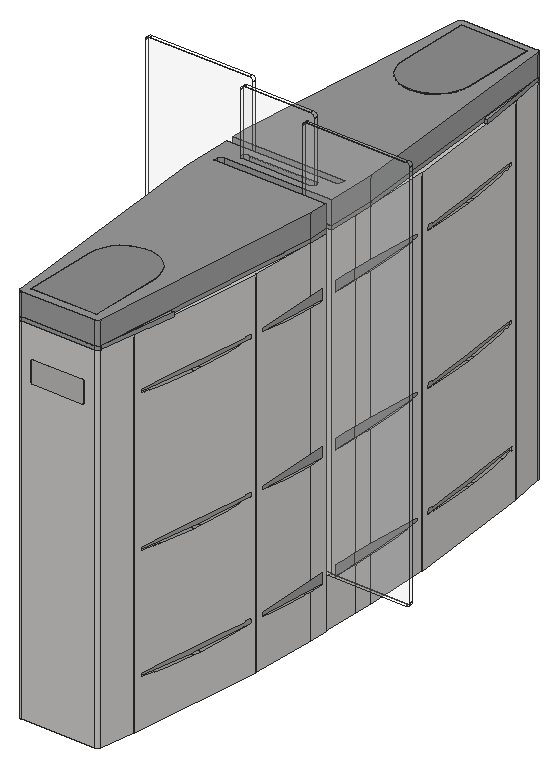
Revit family "CAME_Турникет_Скоростной_SLIDINGGATESG55_РаздвижнойЦентральныйМодуль550", category Специальное оборудование, Revit 2019
Family settings
  Размер круглого соединителя = Использовать диаметр
  Тип детали = Нормальный
  На основе рабочей плоскости = Нет
  Всегда вертикально = Да
  При загрузке вырезать с полостями = Нет
  Общий = Нет
  Точка расчета площади = Нет
Parameters
  Описание = "Центральный модуль раздвижного турникета SLIDING GATE SG55M, оснащенный платой управления и светодиодными указателями прохода и направления. Корпус - нержавеющая сталь. Сервопозиционный электропривод створки с определением препятствий и автоматической разблокировкой при отключении электроэнергии. Створка из 10 мм закаленного стекла. Ширина прохода 2 х 550 мм. Высота створки 1200 мм. Время открытия - 0.8 сек."
  Изготовитель = "CAME"  # constant formula
  Группа модели = "Турникеты"
  Watermark [instance] = "Модели защищены уникальным кодом"
  URL = "https://camerussia.com"
  CAME_Тип механизма турникета = "моторизованный"  # constant formula
  CAME_Напряжение электропитания двигателя (В) = 24 V  # constant formula
  CAME_Максимальное количество проходов в минуту = "25"  # constant formula
  CAME_Класс защиты (IP) = "44"  # constant formula
  CAME_Интенсивность использования (%) = "ИНТЕНСИВНОЕ"  # constant formula
  CAME_Диапазон рабочих температур (°C) = "-20 ÷ +68"  # constant formula
  CAME_Время открывания (с) = "0.8"  # constant formula
  BL_Разработано = "support@bimlib.pro"  # constant formula
  BL_Email = "cru.info@came.com"  # constant formula
  BL_BIM library = "https://bimlib.pro/manufacturer/came/cf0b6efe-31e5-4ffa-b7ea-1d6fa84041d4/?tab=products"
  ADSK_Размер_Ширина = 765 mm  # constant formula
  ADSK_Размер_Глубина = 1465 mm  # constant formula
  ADSK_Размер_Высота = 1030 mm  # constant formula
  ADSK_Полная мощность = ADSK_Номинальная мощность / ADSK_Коэффициент мощности  # 81.25 VA
  ADSK_Обозначение = "ТУ 26.30.50-001-89603926-2021"  # constant formula
  ADSK_Номинальная мощность = 78 W  # constant formula
  ADSK_Напряжение = 230 V  # constant formula
  ADSK_Наименование краткое = "Центр. модуль турникета SLIDING GATE SG55M, 550 мм"  # constant formula
  ADSK_Наименование = "Центральный модуль высокоинтенсивного скоростного раздвижного турникета SLIDING GATE SG55M, ширина прохода 2 х 550 мм"  # constant formula
  ADSK_Масса_Текст = ""
  ADSK_Масса = 0
  ADSK_Марка = "АРТ:001SG55MC"  # constant formula
  ADSK_Коэффициент мощности = 0.96
  ADSK_Количество фаз = 1  # constant formula
  ADSK_Количество = 1  # constant formula
  ADSK_Код изделия = "Код КСР 26.30.50.119.61.2.07.09"  # constant formula
  ADSK_Классификация нагрузок = Прочее
  ADSK_Завод-изготовитель = "CAME"  # constant formula
  ADSK_Единица измерения = "шт."  # constant formula
  ADSK_Группирование = "SLIDING GATE"  # constant formula
  ADSK_Версия семейства = "1.0"  # constant formula
  ADSK_Версия Revit = "2019"  # constant formula
  ADSK_URL страницы изделия = "https://camerussia.com/product/001sg55mc/"
  ADSK_URL документации изделия = "https://camerussia.com/uploads/support/instructions/files/Инструкция%20Sliding%20Gate%20SG55-SG90.pdf"
Reference planes
  plane 1 "По центру (Вперед/Назад)": y = 0
  plane 2: z = 0
  plane 3 "По центру (Влево/Вправо)": x = 0
  plane 4: x = -162.5
  plane 5: x = 162.5
  plane 6: y = 732.5
  plane 7: y = -732.5
  plane 8: z = 1030
  plane 9: x = -105
  plane 10: x = 105
  plane 11: y = 100
  plane 12: y = -100
  plane 13: x = -105
  plane 14: x = 105
  plane 15: y = 100
  plane 16: y = -100
  plane 17: z = 15
  plane 18: z = 960
  plane 19: z = 70
  plane 20: z = 445
  plane 21: z = 820
  plane 22: y = 632.5
  plane 23: y = -632.5
  plane 24: y = 632.5
  plane 25: y = -632.5
  plane 26: z = 1200
  plane 27: z = 145
  plane 28: y = 275
  plane 29: y = -275
  plane 30: y = 50
  plane 31: y = -50
  plane 32: x = 382.5
  plane 33: x = -382.5
Forms (mm)
  Extrusion 1, solid, material "CAME_Сталь_Нержавеющая_AISI 304", detail levels medium
    sketch origin (0, 0, 0) x (1, 0, 0) y (0, 1, 0)
      loop
        arc (-105, 732.5) -> (-148.095, 417.554) -> (-162.5, 100) r 3507.5
        line (-162.5, 100) -> (-162.5, -100)
        arc (-162.5, -100) -> (-148.095, -417.554) -> (-105, -732.5) r 3507.5
        line (-105, -732.5) -> (105, -732.5)
        arc (105, -732.5) -> (148.095, -417.554) -> (162.5, -100) r 3507.5
        line (162.5, -100) -> (162.5, 100)
        arc (162.5, 100) -> (148.095, 417.554) -> (105, 732.5) r 3507.5
        line (105, 732.5) -> (-105, 732.5)
    from 0 to 1030
  Extrusion 2, solid, material "CAME_Сталь_Нержавеющая_AISI 304", detail levels fine
    sketch origin (-363.045, -1524, 15) x (-1, 0, 0) y (0, -1, 0)
      loop
        line (-459.701, -2256.5) -> (-266.388, -2256.5)
        arc (-266.388, -2256.5) -> (-260.067, -2254.249) -> (-256.592, -2248.51) r 10
        line (-256.592, -2248.51) -> (-241.439, -2157.96)
        arc (-241.439, -2157.96) -> (-242.655, -2156.256) -> (-240.951, -2155.04) r 1.48
        arc (-240.951, -2155.04) -> (-216.874, -1978.331) -> (-203.397, -1800.498) r 2983.664
        arc (-203.397, -1800.498) -> (-204.828, -1798.932) -> (-203.262, -1797.502) r 1.5
        arc (-203.262, -1797.502) -> (-200.642, -1710.771) -> (-200.545, -1624) r 2983.664
        line (-200.545, -1624) -> (-200.545, -1424)
        arc (-200.545, -1424) -> (-200.642, -1337.229) -> (-203.262, -1250.498) r 2983.664
        arc (-203.262, -1250.498) -> (-204.828, -1249.068) -> (-203.397, -1247.502) r 1.5
        arc (-203.397, -1247.502) -> (-216.874, -1069.669) -> (-240.951, -892.96) r 2983.664
        arc (-240.951, -892.96) -> (-242.655, -891.744) -> (-241.439, -890.04) r 1.48
        line (-241.439, -890.04) -> (-256.592, -799.49)
        arc (-256.592, -799.49) -> (-260.067, -793.751) -> (-266.388, -791.5) r 10
        line (-266.388, -791.5) -> (-459.701, -791.5)
        arc (-459.701, -791.5) -> (-466.022, -793.751) -> (-469.497, -799.49) r 10
        line (-469.497, -799.49) -> (-484.65, -890.04)
        arc (-484.65, -890.04) -> (-483.435, -891.744) -> (-485.138, -892.96) r 1.48
        arc (-485.138, -892.96) -> (-509.216, -1069.669) -> (-522.692, -1247.502) r 2983.664
        arc (-522.692, -1247.502) -> (-521.262, -1249.068) -> (-522.828, -1250.498) r 1.5
        arc (-522.828, -1250.498) -> (-525.448, -1337.229) -> (-525.545, -1424) r 2983.664
        line (-525.545, -1424) -> (-525.545, -1624)
        arc (-525.545, -1624) -> (-525.448, -1710.771) -> (-522.828, -1797.502) r 2983.664
        arc (-522.828, -1797.502) -> (-521.262, -1798.932) -> (-522.692, -1800.498) r 1.5
        arc (-522.692, -1800.498) -> (-509.216, -1978.331) -> (-485.138, -2155.04) r 2983.664
        arc (-485.138, -2155.04) -> (-483.435, -2156.256) -> (-484.65, -2157.96) r 1.48
        line (-484.65, -2157.96) -> (-469.497, -2248.51)
        arc (-469.497, -2248.51) -> (-466.022, -2254.249) -> (-459.701, -2256.5) r 10
    from 0 to 945
  Extrusion 3, solid, material "CAME_Камень_Гранитный_SGL01", detail levels fine
    sketch origin (-925.693, -1524, 1030) x (-1, 0, 0) y (0, -1, 0)
      loop
        arc (-829.037, -2256.5) -> (-822.626, -2254.175) -> (-819.196, -2248.28) r 10
        arc (-819.196, -2248.28) -> (-777.222, -1937.393) -> (-763.193, -1624) r 3507.5
        line (-763.193, -1624) -> (-763.193, -1424)
        arc (-763.193, -1424) -> (-777.222, -1110.607) -> (-819.196, -799.72) r 3507.5
        arc (-819.196, -799.72) -> (-822.626, -793.825) -> (-829.037, -791.5) r 10
        line (-829.037, -791.5) -> (-1022.35, -791.5)
        arc (-1022.35, -791.5) -> (-1028.761, -793.825) -> (-1032.19, -799.72) r 10
        arc (-1032.19, -799.72) -> (-1074.165, -1110.607) -> (-1088.193, -1424) r 3507.5
        line (-1088.193, -1424) -> (-1088.193, -1624)
        arc (-1088.193, -1624) -> (-1074.165, -1937.393) -> (-1032.19, -2248.28) r 3507.5
        arc (-1032.19, -2248.28) -> (-1028.761, -2254.175) -> (-1022.35, -2256.5) r 10
        line (-1022.35, -2256.5) -> (-829.037, -2256.5)
    from 0 to -60
  Extrusion 4, solid, material "CAME_Стекло_Закаленное", detail levels fine
    sketch origin (0, 0, 0) x (1, 0, 0) y (0, 0, 1)
      loop
        arc (-87.5, 1200) -> (-94.571, 1197.071) -> (-97.5, 1190) r 10
        line (-97.5, 1190) -> (-97.5, 960) -> (97.5, 960) -> (97.5, 1190)
        arc (97.5, 1190) -> (94.571, 1197.071) -> (87.5, 1200) r 10
        line (87.5, 1200) -> (-87.5, 1200)
    from -5 to 5
  Extrusion 5, solid, material "CAME_Стекло_Закаленное_Черное", detail levels medium+fine
    sketch origin (-925.693, -1524, 1030) x (-1, 0, 0) y (0, -1, 0)
      loop
        line (-838.193, -811.5) -> (-1013.193, -811.5) -> (-1013.193, -1004)
        arc (-1013.193, -1004) -> (-925.693, -1091.5) -> (-838.193, -1004) r 87.5
        line (-838.193, -1004) -> (-838.193, -811.5)
      loop
        line (-838.193, -2236.5) -> (-838.193, -2044)
        arc (-838.193, -2044) -> (-925.693, -1956.5) -> (-1013.193, -2044) r 87.5
        line (-1013.193, -2044) -> (-1013.193, -2236.5) -> (-838.193, -2236.5)
    from 0 to 2
  Extrusion 6, solid, material "CAME_Стекло_Закаленное_Черное", detail levels medium+fine
    sketch origin (866.16, -732.5, 1200) x (1, 0, 0) y (0, 0, 1)
      loop
        arc (-931.16, -320) -> (-934.695, -321.464) -> (-936.16, -325) r 5
        line (-936.16, -325) -> (-936.16, -375)
        arc (-936.16, -375) -> (-934.695, -378.536) -> (-931.16, -380) r 5
        line (-931.16, -380) -> (-801.16, -380)
        arc (-801.16, -380) -> (-797.624, -378.536) -> (-796.16, -375) r 5
        line (-796.16, -375) -> (-796.16, -325)
        arc (-796.16, -325) -> (-797.624, -321.464) -> (-801.16, -320) r 5
        line (-801.16, -320) -> (-931.16, -320)
    from 0 to 2
  Extrusion 7, solid, material "CAME_Стекло_Закаленное_Черное", detail levels medium+fine
    sketch origin (-872.529, 732.5, 1200) x (-1, 0, 0) y (0, 0, 1)
      loop
        arc (-937.529, -320) -> (-941.064, -321.464) -> (-942.529, -325) r 5
        line (-942.529, -325) -> (-942.529, -375)
        arc (-942.529, -375) -> (-941.064, -378.536) -> (-937.529, -380) r 5
        line (-937.529, -380) -> (-807.529, -380)
        arc (-807.529, -380) -> (-803.993, -378.536) -> (-802.529, -375) r 5
        line (-802.529, -375) -> (-802.529, -325)
        arc (-802.529, -325) -> (-803.993, -321.464) -> (-807.529, -320) r 5
        line (-807.529, -320) -> (-937.529, -320)
    from 0 to 2
  Extrusion 8, solid, material "CAME_Сталь_Нержавеющая_AISI 304", detail levels fine
    sketch origin (0, 0, 0) x (1, 0, 0) y (0, 1, 0)
      loop
        circle (50, -632.5) r 25
      loop
        circle (-50, -632.5) r 25
      loop
        circle (50, 632.5) r 25
      loop
        circle (-50, 632.5) r 25
      loop
        circle (50, -232.5) r 25
      loop
        circle (-50, -232.5) r 25
      loop
        circle (50, 232.5) r 25
      loop
        circle (-50, 232.5) r 25
    from 0 to 15
  Extrusion 9, solid, material "Воздух", detail levels fine
    sketch origin (349.639, -1524, 960) x (0, -1, 0) y (-1, 0, 0)
      loop
        arc (-799.72, 456.136) -> (-1110.607, 498.11) -> (-1424, 512.139) r 3507.5
        line (-1424, 512.139) -> (-1624, 512.139)
        arc (-1624, 512.139) -> (-1937.393, 498.11) -> (-2248.28, 456.136) r 3507.5
        arc (-2248.28, 456.136) -> (-2254.175, 452.706) -> (-2256.5, 446.295) r 10
        line (-2256.5, 446.295) -> (-2256.5, 252.982)
        arc (-2256.5, 252.982) -> (-2254.175, 246.571) -> (-2248.28, 243.142) r 10
        arc (-2248.28, 243.142) -> (-1937.393, 201.167) -> (-1624, 187.139) r 3507.5
        line (-1624, 187.139) -> (-1424, 187.139)
        arc (-1424, 187.139) -> (-1110.607, 201.167) -> (-799.72, 243.142) r 3507.5
        arc (-799.72, 243.142) -> (-793.825, 246.571) -> (-791.5, 252.982) r 10
        line (-791.5, 252.982) -> (-791.5, 446.295)
        arc (-791.5, 446.295) -> (-793.825, 452.706) -> (-799.72, 456.136) r 10
    from -10 to 0
  Extrusion 10, solid, material "Индикатор синий", detail levels fine
    sketch origin (349.639, -1524, 960) x (0, -1, 0) y (-1, 0, 0)
      loop
        line (-791.5, 252.982) -> (-791.5, 446.295)
        arc (-791.5, 446.295) -> (-793.825, 452.706) -> (-799.72, 456.136) r 10
        arc (-799.72, 456.136) -> (-901.634, 473.023) -> (-1004, 486.902) r 3507.5
        line (-1004, 486.902) -> (-1004, 212.376)
        arc (-1004, 212.376) -> (-901.634, 226.254) -> (-799.72, 243.142) r 3507.5
        arc (-799.72, 243.142) -> (-793.825, 246.571) -> (-791.5, 252.982) r 10
      loop
        line (-2044, 212.376) -> (-2044, 486.902)
        arc (-2044, 486.902) -> (-2146.366, 473.023) -> (-2248.28, 456.136) r 3507.5
        arc (-2248.28, 456.136) -> (-2254.175, 452.706) -> (-2256.5, 446.295) r 10
        line (-2256.5, 446.295) -> (-2256.5, 252.982)
        arc (-2256.5, 252.982) -> (-2254.175, 246.571) -> (-2248.28, 243.142) r 10
        arc (-2248.28, 243.142) -> (-2146.366, 226.254) -> (-2044, 212.376) r 3507.5
    from -10 to 0
  Extrusion 11, void
    sketch origin (105, -732.5, 0) x (0.124702, 0.992194, 0) y (0, 0, 1)
      loop
        arc (122.125, 824.954) -> (117.799, 820) -> (122.125, 815.046) r 5
        arc (122.125, 815.046) -> (196.534, 811.262) -> (271.028, 810) r 2199.676
        line (271.028, 810) -> (291.028, 810)
        arc (291.028, 810) -> (365.522, 811.262) -> (439.931, 815.046) r 2199.676
        arc (439.931, 815.046) -> (444.257, 820) -> (439.931, 824.954) r 5
        arc (439.931, 824.954) -> (365.522, 828.738) -> (291.028, 830) r 2199.676
        line (291.028, 830) -> (271.028, 830)
        arc (271.028, 830) -> (196.534, 828.738) -> (122.125, 824.954) r 2199.676
      loop
        arc (122.125, 449.954) -> (117.799, 445) -> (122.125, 440.046) r 5
        arc (122.125, 440.046) -> (196.534, 436.262) -> (271.028, 435) r 2199.676
        line (271.028, 435) -> (291.028, 435)
        arc (291.028, 435) -> (365.522, 436.262) -> (439.931, 440.046) r 2199.676
        arc (439.931, 440.046) -> (444.257, 445) -> (439.931, 449.954) r 5
        arc (439.931, 449.954) -> (365.522, 453.738) -> (291.028, 455) r 2199.676
        line (291.028, 455) -> (271.028, 455)
        arc (271.028, 455) -> (196.534, 453.738) -> (122.125, 449.954) r 2199.676
      loop
        arc (122.125, 149.954) -> (117.799, 145) -> (122.125, 140.046) r 5
        arc (122.125, 140.046) -> (196.534, 136.262) -> (271.028, 135) r 2199.676
        line (271.028, 135) -> (291.028, 135)
        arc (291.028, 135) -> (365.522, 136.262) -> (439.931, 140.046) r 2199.676
        arc (439.931, 140.046) -> (444.257, 145) -> (439.931, 149.954) r 5
        arc (439.931, 149.954) -> (365.522, 153.738) -> (291.028, 155) r 2199.676
        line (291.028, 155) -> (271.028, 155)
        arc (271.028, 155) -> (196.534, 153.738) -> (122.125, 149.954) r 2199.676
    from -2 to 10
  Extrusion 12, void
    sketch origin (-105, -732.5, 0) x (-0.124702, 0.992194, 0) y (0, 0, -1)
      loop
        arc (122.125, -824.954) -> (196.534, -828.738) -> (271.028, -830) r 2199.676
        line (271.028, -830) -> (291.028, -830)
        arc (291.028, -830) -> (365.522, -828.738) -> (439.931, -824.954) r 2199.676
        arc (439.931, -824.954) -> (444.257, -820) -> (439.931, -815.046) r 5
        arc (439.931, -815.046) -> (365.522, -811.262) -> (291.028, -810) r 2199.676
        line (291.028, -810) -> (271.028, -810)
        arc (271.028, -810) -> (196.534, -811.262) -> (122.125, -815.046) r 2199.676
        arc (122.125, -815.046) -> (117.799, -820) -> (122.125, -824.954) r 5
      loop
        arc (122.125, -449.954) -> (196.534, -453.738) -> (271.028, -455) r 2199.676
        line (271.028, -455) -> (291.028, -455)
        arc (291.028, -455) -> (365.522, -453.738) -> (439.931, -449.954) r 2199.676
        arc (439.931, -449.954) -> (444.257, -445) -> (439.931, -440.046) r 5
        arc (439.931, -440.046) -> (365.522, -436.262) -> (291.028, -435) r 2199.676
        line (291.028, -435) -> (271.028, -435)
        arc (271.028, -435) -> (196.534, -436.262) -> (122.125, -440.046) r 2199.676
        arc (122.125, -440.046) -> (117.799, -445) -> (122.125, -449.954) r 5
      loop
        arc (122.125, -149.954) -> (196.534, -153.738) -> (271.028, -155) r 2199.676
        line (271.028, -155) -> (291.028, -155)
        arc (291.028, -155) -> (365.522, -153.738) -> (439.931, -149.954) r 2199.676
        arc (439.931, -149.954) -> (444.257, -145) -> (439.931, -140.046) r 5
        arc (439.931, -140.046) -> (365.522, -136.262) -> (291.028, -135) r 2199.676
        line (291.028, -135) -> (271.028, -135)
        arc (271.028, -135) -> (196.534, -136.262) -> (122.125, -140.046) r 2199.676
        arc (122.125, -140.046) -> (117.799, -145) -> (122.125, -149.954) r 5
    from -2 to 10
  Extrusion 13, void
    sketch origin (105, 732.5, 0) x (0.124702, -0.992194, 0) y (0, 0, -1)
      loop
        arc (122.125, -824.954) -> (196.534, -828.738) -> (271.028, -830) r 2199.676
        line (271.028, -830) -> (291.028, -830)
        arc (291.028, -830) -> (365.522, -828.738) -> (439.931, -824.954) r 2199.676
        arc (439.931, -824.954) -> (444.257, -820) -> (439.931, -815.046) r 5
        arc (439.931, -815.046) -> (365.522, -811.262) -> (291.028, -810) r 2199.676
        line (291.028, -810) -> (271.028, -810)
        arc (271.028, -810) -> (196.534, -811.262) -> (122.125, -815.046) r 2199.676
        arc (122.125, -815.046) -> (117.799, -820) -> (122.125, -824.954) r 5
      loop
        arc (122.125, -449.954) -> (196.534, -453.738) -> (271.028, -455) r 2199.676
        line (271.028, -455) -> (291.028, -455)
        arc (291.028, -455) -> (365.522, -453.738) -> (439.931, -449.954) r 2199.676
        arc (439.931, -449.954) -> (444.257, -445) -> (439.931, -440.046) r 5
        arc (439.931, -440.046) -> (365.522, -436.262) -> (291.028, -435) r 2199.676
        line (291.028, -435) -> (271.028, -435)
        arc (271.028, -435) -> (196.534, -436.262) -> (122.125, -440.046) r 2199.676
        arc (122.125, -440.046) -> (117.799, -445) -> (122.125, -449.954) r 5
      loop
        arc (122.125, -149.954) -> (196.534, -153.738) -> (271.028, -155) r 2199.676
        line (271.028, -155) -> (291.028, -155)
        arc (291.028, -155) -> (365.522, -153.738) -> (439.931, -149.954) r 2199.676
        arc (439.931, -149.954) -> (444.257, -145) -> (439.931, -140.046) r 5
        arc (439.931, -140.046) -> (365.522, -136.262) -> (291.028, -135) r 2199.676
        line (291.028, -135) -> (271.028, -135)
        arc (271.028, -135) -> (196.534, -136.262) -> (122.125, -140.046) r 2199.676
        arc (122.125, -140.046) -> (117.799, -145) -> (122.125, -149.954) r 5
    from -2 to 10
  Extrusion 14, void
    sketch origin (-105, 732.5, 0) x (-0.124702, -0.992194, 0) y (0, 0, 1)
      loop
        arc (122.125, 824.954) -> (117.799, 820) -> (122.125, 815.046) r 5
        arc (122.125, 815.046) -> (196.534, 811.262) -> (271.028, 810) r 2199.676
        line (271.028, 810) -> (291.028, 810)
        arc (291.028, 810) -> (365.522, 811.262) -> (439.931, 815.046) r 2199.676
        arc (439.931, 815.046) -> (444.257, 820) -> (439.931, 824.954) r 5
        arc (439.931, 824.954) -> (365.522, 828.738) -> (291.028, 830) r 2199.676
        line (291.028, 830) -> (271.028, 830)
        arc (271.028, 830) -> (196.534, 828.738) -> (122.125, 824.954) r 2199.676
      loop
        arc (122.125, 449.954) -> (117.799, 445) -> (122.125, 440.046) r 5
        arc (122.125, 440.046) -> (196.534, 436.262) -> (271.028, 435) r 2199.676
        line (271.028, 435) -> (291.028, 435)
        arc (291.028, 435) -> (365.522, 436.262) -> (439.931, 440.046) r 2199.676
        arc (439.931, 440.046) -> (444.257, 445) -> (439.931, 449.954) r 5
        arc (439.931, 449.954) -> (365.522, 453.738) -> (291.028, 455) r 2199.676
        line (291.028, 455) -> (271.028, 455)
        arc (271.028, 455) -> (196.534, 453.738) -> (122.125, 449.954) r 2199.676
      loop
        arc (122.125, 149.954) -> (117.799, 145) -> (122.125, 140.046) r 5
        arc (122.125, 140.046) -> (196.534, 136.262) -> (271.028, 135) r 2199.676
        line (271.028, 135) -> (291.028, 135)
        arc (291.028, 135) -> (365.522, 136.262) -> (439.931, 140.046) r 2199.676
        arc (439.931, 140.046) -> (444.257, 145) -> (439.931, 149.954) r 5
        arc (439.931, 149.954) -> (365.522, 153.738) -> (291.028, 155) r 2199.676
        line (291.028, 155) -> (271.028, 155)
        arc (271.028, 155) -> (196.534, 153.738) -> (122.125, 149.954) r 2199.676
    from -2 to 10
  Extrusion 15, void
    sketch origin (-925.693, -1524, 1030) x (-1, 0, 0) y (0, -1, 0)
      loop
        line (-763.193, -1574) -> (-763.193, -1554) -> (-1048.193, -1554)
        arc (-1048.193, -1554) -> (-1055.264, -1556.929) -> (-1058.193, -1564) r 10
        line (-1058.193, -1564) -> (-1058.193, -1574) -> (-763.193, -1574)
      loop
        line (-793.193, -1474) -> (-1088.193, -1474) -> (-1088.193, -1494) -> (-803.193, -1494)
        arc (-803.193, -1494) -> (-796.122, -1491.071) -> (-793.193, -1484) r 10
        line (-793.193, -1484) -> (-793.193, -1474)
      loop
        arc (-835.693, -1534) -> (-825.693, -1524) -> (-835.693, -1514) r 10
        line (-835.693, -1514) -> (-1015.693, -1514)
        arc (-1015.693, -1514) -> (-1025.693, -1524) -> (-1015.693, -1534) r 10
        line (-1015.693, -1534) -> (-835.693, -1534)
    from -885 to 0
  Extrusion 16, solid, material "CAME_Стекло_Закаленное", detail levels medium
    sketch origin (0, 0, 0) x (1, 0, 0) y (0, 0, 1)
      loop
        line (-97.5, 1030) -> (97.5, 1030) -> (97.5, 1190)
        arc (97.5, 1190) -> (94.571, 1197.071) -> (87.5, 1200) r 10
        line (87.5, 1200) -> (-87.5, 1200)
        arc (-87.5, 1200) -> (-94.571, 1197.071) -> (-97.5, 1190) r 10
        line (-97.5, 1190) -> (-97.5, 1030)
    from -5 to 5
  Extrusion 17, solid, material "CAME_Стекло_Закаленное", detail levels fine
    sketch origin (268.229, -50, 1200) x (1, 0, 0) y (0, 0, 1)
      loop
        arc (-160.729, 0) -> (-167.8, -2.929) -> (-170.729, -10) r 10
        line (-170.729, -10) -> (-170.729, -1055) -> (104.271, -1055)
        arc (104.271, -1055) -> (111.342, -1052.071) -> (114.271, -1045) r 10
        line (114.271, -1045) -> (114.271, -10)
        arc (114.271, -10) -> (111.342, -2.929) -> (104.271, 0) r 10
        line (104.271, 0) -> (-160.729, 0)
    from -15 to -5
  Extrusion 18, solid, material "CAME_Стекло_Закаленное", detail levels medium
    sketch origin (268.229, -50, 1200) x (1, 0, 0) y (0, 0, 1)
      loop
        line (-170.729, -10) -> (-170.729, -170) -> (-105.729, -170) -> (-105.729, -1055) -> (104.271, -1055)
        arc (104.271, -1055) -> (111.342, -1052.071) -> (114.271, -1045) r 10
        line (114.271, -1045) -> (114.271, -10)
        arc (114.271, -10) -> (111.342, -2.929) -> (104.271, 0) r 10
        line (104.271, 0) -> (-160.729, 0)
        arc (-160.729, 0) -> (-167.8, -2.929) -> (-170.729, -10) r 10
    from -15 to -5
  Extrusion 19, solid, material "CAME_Стекло_Закаленное", detail levels medium
    sketch origin (268.229, 50, 1200) x (1, 0, 0) y (0, 0, 1)
      loop
        arc (-365.729, -10) -> (-368.658, -2.929) -> (-375.729, 0) r 10
        line (-375.729, 0) -> (-640.729, 0)
        arc (-640.729, 0) -> (-647.8, -2.929) -> (-650.729, -10) r 10
        line (-650.729, -10) -> (-650.729, -1045)
        arc (-650.729, -1045) -> (-647.8, -1052.071) -> (-640.729, -1055) r 10
        line (-640.729, -1055) -> (-430.729, -1055) -> (-430.729, -170) -> (-365.729, -170) -> (-365.729, -10)
    from 15 to 5
  Extrusion 20, solid, material "CAME_Стекло_Закаленное", detail levels fine
    sketch origin (268.229, 50, 1200) x (1, 0, 0) y (0, 0, 1)
      loop
        arc (-640.729, 0) -> (-647.8, -2.929) -> (-650.729, -10) r 10
        line (-650.729, -10) -> (-650.729, -1045)
        arc (-650.729, -1045) -> (-647.8, -1052.071) -> (-640.729, -1055) r 10
        line (-640.729, -1055) -> (-365.729, -1055) -> (-365.729, -10)
        arc (-365.729, -10) -> (-368.658, -2.929) -> (-375.729, 0) r 10
        line (-375.729, 0) -> (-640.729, 0)
    from 15 to 5
  Extrusion 21, void
    sketch origin (162.5, -493.584, 1200) x (0, -1, 0) y (0, 0, 1)
      loop
        arc (-237.736, -384.928) -> (-233.584, -380) -> (-237.736, -375.072) r 5
        arc (-237.736, -375.072) -> (-335.573, -368.445) -> (-433.584, -365.289) r 2766.25
        line (-433.584, -365.289) -> (-433.584, -394.711)
        arc (-433.584, -394.711) -> (-335.573, -391.555) -> (-237.736, -384.928) r 2766.25
      loop
        arc (-749.432, -384.928) -> (-631.615, -392.481) -> (-513.584, -395) r 2766.25
        line (-513.584, -395) -> (-473.584, -395) -> (-473.584, -365) -> (-513.584, -365)
        arc (-513.584, -365) -> (-631.615, -367.519) -> (-749.432, -375.072) r 2766.25
        arc (-749.432, -375.072) -> (-753.584, -380) -> (-749.432, -384.928) r 5
      loop
        arc (-237.736, -759.928) -> (-233.584, -755) -> (-237.736, -750.072) r 5
        arc (-237.736, -750.072) -> (-335.573, -743.445) -> (-433.584, -740.289) r 2766.25
        line (-433.584, -740.289) -> (-433.584, -769.711)
        arc (-433.584, -769.711) -> (-335.573, -766.555) -> (-237.736, -759.928) r 2766.25
      loop
        arc (-749.432, -759.928) -> (-631.615, -767.481) -> (-513.584, -770) r 2766.25
        line (-513.584, -770) -> (-473.584, -770) -> (-473.584, -740) -> (-513.584, -740)
        arc (-513.584, -740) -> (-631.615, -742.519) -> (-749.432, -750.072) r 2766.25
        arc (-749.432, -750.072) -> (-753.584, -755) -> (-749.432, -759.928) r 5
      loop
        arc (-237.736, -1059.928) -> (-233.584, -1055) -> (-237.736, -1050.072) r 5
        arc (-237.736, -1050.072) -> (-335.573, -1043.445) -> (-433.584, -1040.289) r 2766.25
        line (-433.584, -1040.289) -> (-433.584, -1069.711)
        arc (-433.584, -1069.711) -> (-335.573, -1066.555) -> (-237.736, -1059.928) r 2766.25
      loop
        arc (-749.432, -1059.928) -> (-631.615, -1067.481) -> (-513.584, -1070) r 2766.25
        line (-513.584, -1070) -> (-473.584, -1070) -> (-473.584, -1040) -> (-513.584, -1040)
        arc (-513.584, -1040) -> (-631.615, -1042.519) -> (-749.432, -1050.072) r 2766.25
        arc (-749.432, -1050.072) -> (-753.584, -1055) -> (-749.432, -1059.928) r 5
    from -5 to 3
  Extrusion 22, void
    sketch origin (0, 0, 0) x (1, 0, 0) y (0, 1, 0)
      loop
        line (-162.5, 50) -> (-162.5, 49) -> (162.5, 49) -> (162.5, 50) -> (-162.5, 50)
      loop
        line (-162.5, -49) -> (-162.5, -50) -> (162.5, -50) -> (162.5, -49) -> (-162.5, -49)
    from 0 to 1030
  Extrusion 23, void
    sketch origin (-162.5, -493.584, 1200) x (0, -1, 0) y (0, 0, -1)
      loop
        arc (-749.432, 384.928) -> (-753.584, 380) -> (-749.432, 375.072) r 5
        arc (-749.432, 375.072) -> (-651.594, 368.445) -> (-553.584, 365.289) r 2766.25
        line (-553.584, 365.289) -> (-553.584, 394.711)
        arc (-553.584, 394.711) -> (-651.594, 391.555) -> (-749.432, 384.928) r 2766.25
      loop
        arc (-237.736, 384.928) -> (-355.552, 392.481) -> (-473.584, 395) r 2766.25
        line (-473.584, 395) -> (-513.584, 395) -> (-513.584, 365) -> (-473.584, 365)
        arc (-473.584, 365) -> (-355.552, 367.519) -> (-237.736, 375.072) r 2766.25
        arc (-237.736, 375.072) -> (-233.584, 380) -> (-237.736, 384.928) r 5
      loop
        arc (-749.432, 759.928) -> (-753.584, 755) -> (-749.432, 750.072) r 5
        arc (-749.432, 750.072) -> (-651.594, 743.445) -> (-553.584, 740.289) r 2766.25
        line (-553.584, 740.289) -> (-553.584, 769.711)
        arc (-553.584, 769.711) -> (-651.594, 766.555) -> (-749.432, 759.928) r 2766.25
      loop
        arc (-237.736, 759.928) -> (-355.552, 767.481) -> (-473.584, 770) r 2766.25
        line (-473.584, 770) -> (-513.584, 770) -> (-513.584, 740) -> (-473.584, 740)
        arc (-473.584, 740) -> (-355.552, 742.519) -> (-237.736, 750.072) r 2766.25
        arc (-237.736, 750.072) -> (-233.584, 755) -> (-237.736, 759.928) r 5
      loop
        arc (-749.432, 1059.928) -> (-753.584, 1055) -> (-749.432, 1050.072) r 5
        arc (-749.432, 1050.072) -> (-651.594, 1043.445) -> (-553.584, 1040.289) r 2766.25
        line (-553.584, 1040.289) -> (-553.584, 1069.711)
        arc (-553.584, 1069.711) -> (-651.594, 1066.555) -> (-749.432, 1059.928) r 2766.25
      loop
        arc (-237.736, 1059.928) -> (-355.552, 1067.481) -> (-473.584, 1070) r 2766.25
        line (-473.584, 1070) -> (-513.584, 1070) -> (-513.584, 1040) -> (-473.584, 1040)
        arc (-473.584, 1040) -> (-355.552, 1042.519) -> (-237.736, 1050.072) r 2766.25
        arc (-237.736, 1050.072) -> (-233.584, 1055) -> (-237.736, 1059.928) r 5
    from -5 to 3
Cuts and joins
  Extrusion 11, Extrusion 12, Extrusion 13, Extrusion 14, Extrusion 15, Extrusion 21, Extrusion 22, Extrusion 23 cuts Extrusion 2
  Extrusion 15 cuts Extrusion 3
  Extrusion 15 cuts Extrusion 9
Lines and regions (mm)
  model lines, style "CAME", detail levels coarse
    curve 1: line (-162.5, 732.5, 0) -> (162.5, 732.5, 0)
    curve 2: line (-162.5, -732.5, 0) -> (-162.5, 732.5, 0)
    curve 3: line (162.5, -732.5, 0) -> (-162.5, -732.5, 0)
    curve 4: line (162.5, 732.5, 0) -> (162.5, -732.5, 0)
    curve 5: line (162.5, -50, 0) -> (382.5, -50, 0)
    curve 6: line (-162.5, 50, 0) -> (-382.5, 50, 0)
  reference lines
    curve 7: line (105, 732.5, 0) -> (162.5, 275, 0)
    curve 8: line (105, -732.5, 0) -> (162.5, -275, 0)
Dimensions and locks
  locked: plane 4 to plane 5 at 325
  equal spacing: plane 7, plane 1 "По центру (Вперед/Назад)", plane 6
  "ADSK_Размер_Глубина": plane 7 to plane 6
  equal spacing: plane 4, plane 3 "По центру (Влево/Вправо)", plane 5
  "ADSK_Размер_Высота": plane 8 to plane 2
  plane 9 to plane 3 "По центру (Влево/Вправо)" to plane 10 = 105 mm locked, 105 mm locked
  plane 12 to plane 1 "По центру (Вперед/Назад)" to plane 11 = 100 mm locked, 100 mm locked
  plane 13 to plane 3 "По центру (Влево/Вправо)" to plane 14 = 105 mm locked, 105 mm locked
  plane 15 to plane 1 "По центру (Вперед/Назад)" to plane 16 = 100 mm locked, 100 mm locked
  locked: plane 17 to plane 2 at 15
  locked: plane 8 to plane 18 at 70
  plane 21 to plane 20 to plane 19 to plane 2 = 375 mm locked, 375 mm locked, 70 mm locked
  locked: plane 22 to plane 6 at 100
  locked: plane 7 to plane 23 at 100
  locked: plane 7 to plane 25 at 100
  locked: plane 24 to plane 6 at 100
  plane 7 to Extrusion 5 sketch curve to Extrusion 5 sketch curve = 20 mm locked, 192.5 mm locked
  Extrusion 5 sketch curve to plane 3 "По центру (Влево/Вправо)" to Extrusion 5 sketch curve = 87.5 mm locked, 87.5 mm locked
  plane 6 to Extrusion 5 sketch curve to Extrusion 5 sketch curve = 20 mm locked, 192.5 mm locked
  plane 8 to Extrusion 6 sketch curve to Extrusion 6 sketch curve = 150 mm locked, 60 mm locked
  Extrusion 6 sketch curve to plane 3 "По центру (Влево/Вправо)" to Extrusion 6 sketch curve = 70 mm locked, 70 mm locked
  Extrusion 8 sketch curve to plane 3 "По центру (Влево/Вправо)" to Extrusion 8 sketch curve = 50 mm locked, 50 mm locked  (x4)
  locked: Extrusion 8 sketch curve to plane 6 at 500
  locked: plane 6 to Extrusion 8 sketch curve at 500
  locked: plane 7 to Extrusion 8 sketch curve at 500  (x2)
  locked: plane 26 to plane 2 at 1200
  locked: plane 27 to plane 2 at 145
  plane 28 to plane 1 "По центру (Вперед/Назад)" to plane 29 = 275 mm locked, 275 mm locked
  plane 31 to plane 1 "По центру (Вперед/Назад)" to plane 30 = 50 mm locked, 50 mm locked
  Extrusion 11 sketch curve to plane 21 to Extrusion 11 sketch curve = 10 mm locked, 10 mm locked
  Extrusion 11 sketch curve to plane 20 to Extrusion 11 sketch curve = 10 mm locked, 10 mm locked
  Extrusion 11 sketch curve to plane 27 to Extrusion 11 sketch curve = 10 mm locked, 10 mm locked
  Extrusion 12 sketch curve to Extrusion 12 sketch curve = 20 mm  (x3)
  Extrusion 13 sketch curve to Extrusion 13 sketch curve = 20 mm  (x3)
  Extrusion 14 sketch curve to Extrusion 14 sketch curve = 20 mm  (x3)
  locked: plane 4 to Extrusion 15 sketch curve at 30
  locked: Extrusion 15 sketch curve to plane 5 at 30
  Extrusion 15 sketch curve to plane 1 "По центру (Вперед/Назад)" to Extrusion 15 sketch curve = 10 mm locked, 10 mm locked
  Extrusion 15 sketch curve to plane 3 "По центру (Влево/Вправо)" to Extrusion 15 sketch curve = 90 mm locked, 90 mm locked
  Extrusion 4 sketch curve to plane 3 "По центру (Влево/Вправо)" to Extrusion 4 sketch curve = 97.5 mm locked, 97.5 mm locked
  equal spacing: plane 33, plane 3 "По центру (Влево/Вправо)", plane 32
  "ADSK_Размер_Ширина": plane 33 to plane 32
  locked: Extrusion 22 sketch curve to plane 30 at 1
  locked: plane 31 to Extrusion 22 sketch curve at 1
  radius of Extrusion 2 sketch curve = 10 mm  (x4)
  radius of Extrusion 6 sketch curve = 5 mm  (x4)
  radius of Extrusion 15 sketch curve = 10 mm  (x2)
  radius of Extrusion 17 sketch curve = 10 mm  (x3)
  radius of Extrusion 19 sketch curve = 10 mm  (x3)
  aligned and locked: level to plane 2
  aligned and locked: Extrusion 1 sketch curve to plane 6
  aligned and locked: plane 7 to Extrusion 1 sketch curve
  aligned and locked: Extrusion 1 sketch curve to plane 5
  aligned and locked: plane 11 to Extrusion 1 sketch curve  (x2)
  aligned and locked: plane 12 to Extrusion 1 sketch curve  (x2)
  aligned and locked: Extrusion 1 sketch curve to plane 4
  aligned and locked: plane 8 to Extrusion 1
  aligned and locked: Extrusion 1 to Extrusion 2 sketch curve  (x2)
  aligned and locked: Extrusion 2 to plane 18
  aligned and locked: curve 1 to plane 6
  aligned and locked: curve 3 to plane 7
  aligned and locked: plane 4 to curve 2
  aligned and locked: plane 5 to curve 4
  aligned and locked: Extrusion 5 sketch curve to Extrusion 5 sketch curve  (x2)
  aligned and locked: Extrusion 7 sketch curve to Extrusion 6  (x4)
  aligned and locked: plane 25 to Extrusion 8 sketch curve  (x2)
  aligned and locked: plane 24 to Extrusion 8 sketch curve  (x2)
  aligned and locked: Extrusion 9 sketch curve to Extrusion 3  (x8)
  aligned and locked: Extrusion 10 sketch curve to Extrusion 3  (x4)
  aligned and locked: plane 4 to Extrusion 15 sketch curve
  aligned and locked: plane 30 to Extrusion 15 sketch curve
  aligned and locked: plane 31 to Extrusion 15 sketch curve
  aligned and locked: Extrusion 15 sketch curve to plane 5
  aligned and locked: Extrusion 15 to plane 27
  aligned and locked: plane 8 to Extrusion 15
  aligned and locked: Extrusion 4 sketch curve to plane 18
  aligned and locked: Extrusion 4 sketch curve to plane 26
  aligned and locked: Extrusion 4 to Extrusion 16 sketch curve
  aligned and locked: Extrusion 16 sketch curve to Extrusion 4  (x2)
  aligned and locked: plane 8 to Extrusion 16 sketch curve
  aligned and locked: Extrusion 17 sketch curve to plane 32
  aligned and locked: Extrusion 17 sketch curve to Extrusion 16
  aligned and locked: Extrusion 17 sketch curve to plane 26
  aligned and locked: plane 27 to Extrusion 17 sketch curve
  aligned and locked: Extrusion 18 sketch curve to Extrusion 17  (x3)
  aligned and locked: Extrusion 17 to Extrusion 18 sketch curve
  aligned and locked: Extrusion 18 sketch curve to plane 5
  aligned and locked: Extrusion 18 sketch curve to plane 8
  aligned and locked: Extrusion 16 to Extrusion 19 sketch curve
  aligned and locked: Extrusion 19 sketch curve to plane 26
  aligned and locked: plane 33 to Extrusion 19 sketch curve
  aligned and locked: Extrusion 19 sketch curve to plane 27
  aligned and locked: Extrusion 19 sketch curve to plane 8
  aligned and locked: Extrusion 19 sketch curve to plane 4
  aligned and locked: Extrusion 20 sketch curve to Extrusion 19  (x3)
  aligned and locked: plane 4 to Extrusion 22 sketch curve  (x2)
  aligned and locked: plane 5 to Extrusion 22 sketch curve  (x2)
  aligned and locked: plane 30 to Extrusion 22 sketch curve
  aligned and locked: Extrusion 22 sketch curve to plane 31
  aligned and locked: plane 8 to Extrusion 22
  aligned and locked: plane 33 to curve 6
  aligned and locked: plane 32 to curve 5
  aligned and locked: curve 6 to plane 30
  aligned and locked: plane 31 to curve 5
Automatic sketch dimensions
  Extrusion 1 sketch curve to plane 9 = 0 mm  (x2)
  Extrusion 1 sketch curve to plane 10 = 0 mm  (x2)
  Extrusion 2 sketch curve to Extrusion 2 sketch curve = 0 mm  (x11)
  Extrusion 2 sketch curve to plane 5 = 0 mm
  plane 29 to Extrusion 2 sketch curve = 0 mm  (x2)
  Extrusion 2 sketch curve to plane 28 = 0 mm  (x2)
  plane 22 to Extrusion 2 sketch curve = 0 mm  (x2)
  plane 23 to Extrusion 2 sketch curve = 0 mm  (x2)
  Extrusion 2 sketch curve to plane 4 = 0 mm
  Extrusion 2 sketch curve to plane 15 = 0 mm  (x2)
  plane 16 to Extrusion 2 sketch curve = 0 mm  (x2)
  plane 15 to Extrusion 2 sketch curve = 40.053 mm  (x2)
  Extrusion 2 sketch curve to plane 32 = 2438.395 mm
  plane 16 to Extrusion 2 sketch curve = 40.053 mm  (x2)
  plane 5 to Extrusion 2 sketch curve = 2.784 mm  (x2)
  Extrusion 2 sketch curve to plane 14 = 16.85 mm  (x2)
  Extrusion 2 sketch curve to plane 22 = 1.46 mm  (x2)
  Extrusion 2 sketch curve to Extrusion 2 sketch curve = 0.244 mm  (x4)
  plane 23 to Extrusion 2 sketch curve = 1.46 mm  (x2)
  Extrusion 2 sketch curve to plane 14 = 1.453 mm  (x2)
  Extrusion 2 sketch curve to Extrusion 2 sketch curve = 9.796 mm  (x2)
  plane 13 to Extrusion 2 sketch curve = 8.343 mm  (x2)
  Extrusion 2 sketch curve to plane 13 = 1.453 mm  (x2)
  Extrusion 2 sketch curve to plane 13 = 16.605 mm  (x2)
  plane 4 to Extrusion 2 sketch curve = 2.784 mm  (x2)
  Extrusion 2 sketch curve to plane 33 = 2438.395 mm
  Extrusion 2 sketch curve to plane 29 = 1.498 mm
  Extrusion 2 sketch curve to plane 28 = 1.498 mm
  plane 28 to Extrusion 2 sketch curve = 1.498 mm  (x2)
  plane 29 to Extrusion 2 sketch curve = 1.498 mm  (x2)
  plane 22 to Extrusion 2 sketch curve = 1.46 mm
  Extrusion 2 sketch curve to plane 23 = 1.46 mm
  plane 7 to curve 8 = 0 mm
  curve 8 to plane 14 = 0 mm
  curve 7 to plane 6 = 0 mm
  curve 7 to plane 14 = 0 mm
  curve 8 to plane 5 = 0 mm
  curve 7 to plane 5 = 0 mm
  plane 29 to curve 8 = 0 mm
  curve 7 to plane 28 = 0 mm
  plane 16 to Extrusion 3 sketch curve = 0 mm
  plane 15 to Extrusion 3 sketch curve = 0 mm
  Extrusion 3 sketch curve to plane 5 = 0 mm
  Extrusion 3 sketch curve to plane 6 = 0 mm
  plane 7 to Extrusion 3 sketch curve = 0 mm
  Extrusion 3 sketch curve to plane 4 = 0 mm
  Extrusion 3 sketch curve to plane 16 = 0 mm
  Extrusion 3 sketch curve to plane 15 = 0 mm
  Extrusion 3 sketch curve to plane 32 = 2962.5 mm
  Extrusion 3 sketch curve to Extrusion 3 sketch curve = 0 mm  (x2)
  plane 14 to Extrusion 3 sketch curve = 8.343 mm  (x2)
  plane 13 to Extrusion 3 sketch curve = 8.343 mm  (x2)
  Extrusion 3 sketch curve to plane 33 = 2962.5 mm
  Extrusion 3 sketch curve to Extrusion 3 sketch curve = 10 mm  (x3)
  Extrusion 3 sketch curve to plane 7 = 10 mm
  Extrusion 4 sketch curve to Extrusion 4 sketch curve = 10 mm  (x2)
  plane 15 to Extrusion 10 sketch curve = 0 mm
  plane 16 to Extrusion 10 sketch curve = 0 mm
  Extrusion 10 sketch curve to Extrusion 10 sketch curve = 10 mm
  plane 4 to Extrusion 10 sketch curve = 25.237 mm  (x2)
  plane 24 to Extrusion 10 sketch curve = 112.5 mm
  Extrusion 10 sketch curve to plane 25 = 112.5 mm
  Extrusion 10 sketch curve to plane 7 = 10 mm
  plane 13 to Extrusion 10 sketch curve = 8.343 mm  (x2)
  Extrusion 10 sketch curve to plane 32 = 2962.5 mm
  Extrusion 10 sketch curve to Extrusion 10 sketch curve = 0 mm
  curve 8 to Extrusion 11 sketch curve = 122.799 mm  (x3)
  Extrusion 11 sketch curve to curve 8 = 190.071 mm  (x3)
  Extrusion 11 sketch curve to Extrusion 11 sketch curve = 148.229 mm
  Extrusion 11 sketch curve to Extrusion 11 sketch curve = 0 mm  (x10)
  Extrusion 11 sketch curve to Extrusion 11 sketch curve = 20 mm  (x6)
  Extrusion 11 sketch curve to curve 8 = 21.842 mm  (x3)
  Extrusion 11 sketch curve to curve 8 = 1369.676 mm
  Extrusion 11 sketch curve to curve 8 = 1744.676 mm
  Extrusion 11 sketch curve to curve 8 = 2044.676 mm
  Extrusion 11 sketch curve to curve 8 = 145 mm  (x2)
  Extrusion 11 sketch curve to Extrusion 11 sketch curve = 10 mm  (x4)
  curve 8 to Extrusion 11 sketch curve = 2334.676 mm
  curve 8 to Extrusion 11 sketch curve = 2634.676 mm
  curve 8 to Extrusion 11 sketch curve = 3009.676 mm
  Extrusion 11 sketch curve to Extrusion 11 sketch curve = 0.674 mm  (x6)
  Extrusion 15 sketch curve to Extrusion 15 sketch curve = 10 mm
  Extrusion 15 sketch curve to Extrusion 15 sketch curve = 20 mm
  plane 20 to Extrusion 12 sketch curve = 0 mm  (x2)
  Extrusion 12 sketch curve to plane 27 = 0 mm  (x2)
  plane 21 to Extrusion 12 sketch curve = 0 mm  (x2)
  Extrusion 12 sketch curve to Extrusion 12 sketch curve = 0 mm  (x14)
  Extrusion 12 sketch curve to Extrusion 12 sketch curve = 148.229 mm  (x5)
  Extrusion 12 sketch curve to plane 21 = 10 mm
  Extrusion 12 sketch curve to plane 20 = 10 mm
  Extrusion 12 sketch curve to Extrusion 12 sketch curve = 20 mm  (x6)
  plane 26 to Extrusion 12 sketch curve = 1134.676 mm
  Extrusion 12 sketch curve to Extrusion 12 sketch curve = 300 mm  (x2)
  Extrusion 12 sketch curve to Extrusion 12 sketch curve = 375 mm  (x2)
  Extrusion 12 sketch curve to Extrusion 12 sketch curve = 10 mm
  Extrusion 12 sketch curve to level = 1369.676 mm
  Extrusion 12 sketch curve to plane 21 = 4.954 mm
  plane 20 to Extrusion 12 sketch curve = 4.954 mm
  plane 27 to Extrusion 12 sketch curve = 4.954 mm  (x2)
  plane 21 to Extrusion 12 sketch curve = 4.954 mm
  Extrusion 12 sketch curve to plane 20 = 4.954 mm
  Extrusion 13 sketch curve to plane 20 = 0 mm  (x2)
  plane 27 to Extrusion 13 sketch curve = 0 mm  (x2)
  Extrusion 13 sketch curve to plane 21 = 0 mm  (x2)
  Extrusion 13 sketch curve to Extrusion 13 sketch curve = 0 mm  (x14)
  Extrusion 13 sketch curve to Extrusion 13 sketch curve = 148.229 mm  (x5)
  Extrusion 13 sketch curve to plane 21 = 10 mm
  Extrusion 13 sketch curve to plane 20 = 10 mm
  Extrusion 13 sketch curve to Extrusion 13 sketch curve = 20 mm  (x6)
  plane 26 to Extrusion 13 sketch curve = 1134.676 mm
  Extrusion 13 sketch curve to Extrusion 13 sketch curve = 300 mm  (x2)
  Extrusion 13 sketch curve to Extrusion 13 sketch curve = 375 mm  (x2)
  Extrusion 13 sketch curve to Extrusion 13 sketch curve = 10 mm
  Extrusion 13 sketch curve to level = 1369.676 mm
  Extrusion 13 sketch curve to plane 21 = 4.954 mm
  plane 20 to Extrusion 13 sketch curve = 4.954 mm
  plane 27 to Extrusion 13 sketch curve = 4.954 mm  (x2)
  plane 21 to Extrusion 13 sketch curve = 4.954 mm
  Extrusion 13 sketch curve to plane 20 = 4.954 mm
  Extrusion 14 sketch curve to plane 20 = 0 mm  (x2)
  plane 27 to Extrusion 14 sketch curve = 0 mm  (x2)
  Extrusion 14 sketch curve to plane 21 = 0 mm  (x2)
  Extrusion 14 sketch curve to Extrusion 14 sketch curve = 0 mm  (x14)
  Extrusion 14 sketch curve to Extrusion 14 sketch curve = 148.229 mm  (x5)
  Extrusion 14 sketch curve to plane 21 = 10 mm
  Extrusion 14 sketch curve to plane 20 = 10 mm
  Extrusion 14 sketch curve to Extrusion 14 sketch curve = 20 mm  (x6)
  level to Extrusion 14 sketch curve = 135 mm
  Extrusion 14 sketch curve to level = 1369.676 mm
  Extrusion 14 sketch curve to Extrusion 14 sketch curve = 375 mm  (x2)
  Extrusion 14 sketch curve to Extrusion 14 sketch curve = 300 mm  (x2)
  plane 26 to Extrusion 14 sketch curve = 1134.676 mm
  Extrusion 14 sketch curve to plane 21 = 4.954 mm
  plane 20 to Extrusion 14 sketch curve = 4.954 mm
  plane 27 to Extrusion 14 sketch curve = 4.954 mm  (x2)
  plane 21 to Extrusion 14 sketch curve = 4.954 mm
  Extrusion 14 sketch curve to plane 20 = 4.954 mm
  plane 21 to Extrusion 21 sketch curve = 0 mm  (x2)
  plane 20 to Extrusion 21 sketch curve = 0 mm  (x2)
  Extrusion 21 sketch curve to plane 27 = 0 mm  (x2)
  Extrusion 21 sketch curve to plane 28 = 20 mm  (x3)
  Extrusion 21 sketch curve to plane 1 "По центру (Вперед/Назад)" = 20 mm  (x6)
  plane 1 "По центру (Вперед/Назад)" to Extrusion 21 sketch curve = 20 mm  (x9)
  plane 31 to Extrusion 21 sketch curve = 10 mm  (x3)
  Extrusion 21 sketch curve to plane 29 = 20 mm  (x3)
  Extrusion 21 sketch curve to plane 27 = 14.711 mm
  Extrusion 21 sketch curve to plane 27 = 15 mm
  Extrusion 21 sketch curve to level = 1931.25 mm
  Extrusion 21 sketch curve to Extrusion 21 sketch curve = 0 mm  (x7)
  Extrusion 21 sketch curve to Extrusion 21 sketch curve = 375 mm  (x2)
  Extrusion 21 sketch curve to Extrusion 21 sketch curve = 300 mm  (x2)
  Extrusion 21 sketch curve to Extrusion 21 sketch curve = 29.422 mm  (x3)
  Extrusion 21 sketch curve to Extrusion 21 sketch curve = 30 mm  (x3)
  plane 20 to Extrusion 21 sketch curve = 15 mm
  plane 20 to Extrusion 21 sketch curve = 14.711 mm
  plane 21 to Extrusion 21 sketch curve = 15 mm
  plane 21 to Extrusion 21 sketch curve = 14.711 mm
  plane 26 to Extrusion 21 sketch curve = 1696.25 mm
  Extrusion 21 sketch curve to plane 21 = 4.928 mm
  Extrusion 21 sketch curve to plane 27 = 4.928 mm
  Extrusion 21 sketch curve to plane 20 = 4.928 mm  (x2)
  plane 27 to Extrusion 21 sketch curve = 4.928 mm
  plane 21 to Extrusion 21 sketch curve = 4.928 mm
  Extrusion 23 sketch curve to plane 27 = 0 mm  (x2)
  plane 21 to Extrusion 23 sketch curve = 0 mm  (x2)
  plane 20 to Extrusion 23 sketch curve = 0 mm  (x2)
  Extrusion 23 sketch curve to plane 28 = 20 mm  (x3)
  Extrusion 23 sketch curve to plane 30 = 10 mm  (x3)
  Extrusion 23 sketch curve to plane 1 "По центру (Вперед/Назад)" = 20 mm  (x9)
  plane 1 "По центру (Вперед/Назад)" to Extrusion 23 sketch curve = 20 mm  (x6)
  Extrusion 23 sketch curve to plane 29 = 20 mm  (x3)
  Extrusion 23 sketch curve to plane 21 = 14.711 mm
  Extrusion 23 sketch curve to plane 21 = 15 mm
  plane 26 to Extrusion 23 sketch curve = 1696.25 mm
  Extrusion 23 sketch curve to Extrusion 23 sketch curve = 0 mm  (x6)
  Extrusion 23 sketch curve to Extrusion 23 sketch curve = 300 mm  (x2)
  Extrusion 23 sketch curve to Extrusion 23 sketch curve = 375 mm  (x2)
  Extrusion 23 sketch curve to Extrusion 23 sketch curve = 29.422 mm  (x3)
  Extrusion 23 sketch curve to Extrusion 23 sketch curve = 30 mm  (x3)
  Extrusion 23 sketch curve to plane 20 = 15 mm
  Extrusion 23 sketch curve to plane 20 = 14.711 mm
  plane 27 to Extrusion 23 sketch curve = 15 mm
  plane 27 to Extrusion 23 sketch curve = 14.711 mm
  Extrusion 23 sketch curve to level = 1931.25 mm
  Extrusion 23 sketch curve to plane 27 = 4.928 mm  (x2)
  Extrusion 23 sketch curve to plane 21 = 4.928 mm  (x2)
  Extrusion 23 sketch curve to plane 20 = 4.928 mm  (x2)
  radius of Extrusion 8 sketch curve = 25 mm  (x8)
Connectors
  electrical at (0, 0, 0), driven by "ADSK_Количество фаз", driven by "ADSK_Напряжение", driven by "ADSK_Полная мощность", driven by "ADSK_Коэффициент мощности"
    settings: on Extrusion 1, index 1, voltage 230 V, apparent load 0 VA, apparent load phase1 81.25 VA, apparent load phase2 0 VA, apparent load phase3 0 VA, power factor 0.96, load classification "Прочее", number of poles 1, system type 31, power factor state 1, is connector primary yes, connector utility no, sub classification motor no, connector description ""
